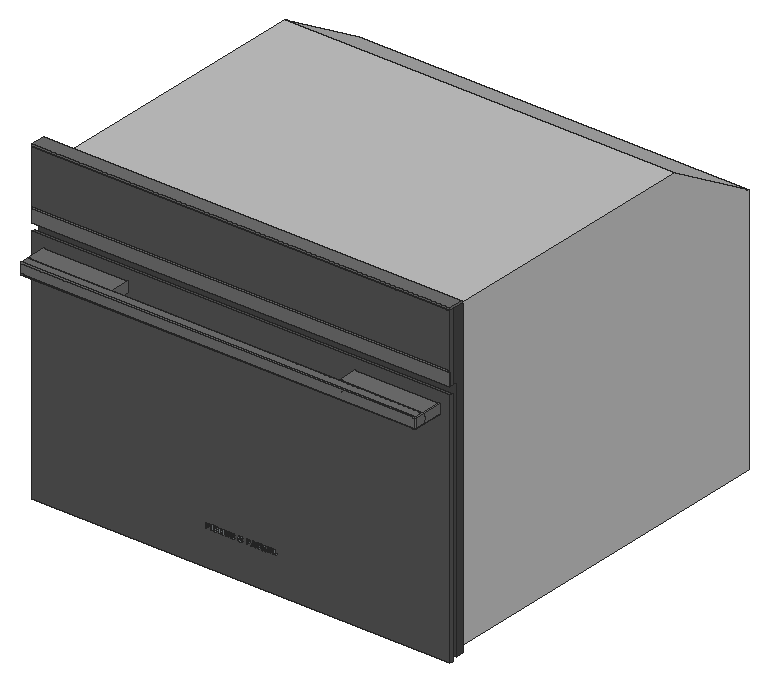
Revit family "FP_Revit_18_OM24NDBB1_Microwave_Oven_90000812A", category Specialty Equipment, Revit 2018
Family settings
  Round Connector Dimension = Use Diameter
  Part Type = Normal
  OmniClass Number = 23.40.40.14.17.31
  OmniClass Title = Small Specialized Cooking Equipment
  Work Plane-Based = No
  Always vertical = Yes
  Cut with Voids When Loaded = Yes
  Shared = No
  Room Calculation Point = No
Parameters (values of type "OM24NDBB1")
  Visibility - Clearance Required = yes
  URL = "www.fisherpaykel.com"
  Product - Width = 596 mm  # constant formula
  Product - Height = 458 mm  # constant formula
  Product - Depth = 562 mm  # constant formula
  Model = "OM24NDBB1"
  Material - Trim = Fisher & Paykel - Aluminium, Dark
  Material - Structure = Fisher & Paykel - Black
  Material - Handle = Fisher & Paykel - Aluminium, Dark
  Material - Glass = Fisher & Paykel - Glass, Black
  Material - Body = Fisher & Paykel - Grey
  Manufacturer = "Fisher & Paykel Appliances"
  FFL Offset [instance] = 860 mm
  Description = "24\" Microwave Oven"
  Connector Description - Electrical = "120/240 V or 12/208 V, 60 Hz, 13 or 14 A"
  Chassis - Width = 556 mm  # constant formula
  Chassis - Height = 446 mm  # constant formula
  Chassis - Depth = 540 mm  # constant formula
  Cavity - Width = 560 mm  # constant formula
  Cavity - Height = 460 mm  # constant formula
  Cavity - Depth = 560 mm  # constant formula
Reference planes
  plane 1 "Center (Front/Back)": y = 0
  plane 2: z = 0
  plane 3 "Center (Left/Right)": x = 0
  plane 4: z = 1320
  plane 5: z = 1318
  plane 6 "Product LHS": x = -298
  plane 7 "Product RHS": x = 298
  plane 8 "Product - Depth": y = 0
  plane 9 "Cavity LHS": x = -300
  plane 10 "Cavity RHS": x = 300
  plane 11 "Cavity - Depth": y = 560
  plane 12 "Front Face": y = -22
  plane 13 "Chassis - Height": z = 0
  plane 14 "Product Depth": y = 540
  plane 15 "FFL Offset": z = 860
Forms (mm)
  Extrusion 1, solid, material "Fisher & Paykel - Grey" <- "Material - Body"
    sketch origin (0, 0, 0) x (0, 1, 0) y (0, 0, 1)
      loop
        line (0, 1306) -> (0, 867.28) -> (5.16, 867.28) -> (5.16, 860) -> (534.187, 860) -> (534.187, 1217.991) -> (403.295, 1296.64) -> (24.316, 1296.64) -> (8.71, 1306) -> (0, 1306)
    from -278 to 278
  Extrusion 2, solid, material "Fisher & Paykel - Black" <- "Material - Structure", detail levels fine
    sketch origin (0, 0, 0) x (0, 1, 0) y (0, 0, 1)
      loop
        line (0, 1313.9) -> (-2, 1313.9) -> (-2, 1315) -> (-18, 1315) -> (-18, 1218) -> (-9.89, 1218) -> (-9.89, 867.28) -> (0, 867.28) -> (0, 1313.9)
    from -298 to 298
  Extrusion 3, solid, material "Fisher & Paykel - Aluminium, Dark" <- "Material - Trim", detail levels fine
    sketch origin (0, 0, 0) x (0, 1, 0) y (0, 0, 1)
      loop
        line (-22, 1318) -> (-22, 1315) -> (-2, 1315) -> (-2, 1318) -> (-22, 1318)
    from -298 to 298
  Extrusion 4, solid, material "Fisher & Paykel - Glass, Black" <- "Material - Glass", detail levels fine
    sketch origin (0, 0, 0) x (0, 1, 0) y (0, 0, 1)
      loop
        line (-18, 1315) -> (-20.262, 1315)
        arc (-20.262, 1315) -> (-21.236, 1314.682) -> (-22, 1314) r 2.5
        line (-22, 1314) -> (-22, 1218) -> (-18, 1218) -> (-18, 1315)
    from -298 to 298
  Extrusion 5, solid, material "Fisher & Paykel - Glass, Black" <- "Material - Glass", detail levels fine
    sketch origin (0, 0, 0) x (0, 1, 0) y (0, 0, 1)
      loop
        line (-22, 1206.53) -> (-22, 864.53) -> (-18, 864.53) -> (-18, 1206.53) -> (-22, 1206.53)
    from -298 to 298
  Extrusion 6, solid, material "Fisher & Paykel - Black" <- "Material - Structure", detail levels fine
    sketch origin (0, 0, 0) x (0, 1, 0) y (0, 0, 1)
      loop
        line (-18, 1189.33) -> (-18, 867.28) -> (-9.89, 867.28) -> (-9.89, 1189.33) -> (-18, 1189.33)
    from -278 to 278
  Extrusion 7, void
    sketch origin (0, 0, 0) x (1, 0, 0) y (0, 0, 1)
      loop
        line (-158.462, 1012.91) -> (-229.24, 1012.91)
        arc (-229.24, 1012.91) -> (-232.776, 1011.446) -> (-234.24, 1007.91) r 5
        line (-234.24, 1007.91) -> (-234.24, 915.13)
        arc (-234.24, 915.13) -> (-232.776, 911.594) -> (-229.24, 910.13) r 5
        line (-229.24, 910.13) -> (-158.462, 910.13)
        arc (-158.462, 910.13) -> (-154.926, 911.594) -> (-153.462, 915.13) r 5
        line (-153.462, 915.13) -> (-153.462, 1007.91)
        arc (-153.462, 1007.91) -> (-154.926, 1011.446) -> (-158.462, 1012.91) r 5
    from -539.6 to -521.6
  Sweep 8, void
    path in 3D
      loop
        arc (-153.462, 521.6, 915.13) -> (-154.926, 521.6, 911.594) -> (-158.462, 521.6, 910.13) r 5
        line (-158.462, 521.6, 910.13) -> (-229.24, 521.6, 910.13)
        arc (-229.24, 521.6, 910.13) -> (-232.776, 521.6, 911.594) -> (-234.24, 521.6, 915.13) r 5
        line (-234.24, 521.6, 915.13) -> (-234.24, 521.6, 1007.91)
        arc (-234.24, 521.6, 1007.91) -> (-232.776, 521.6, 1011.446) -> (-229.24, 521.6, 1012.91) r 5
        line (-229.24, 521.6, 1012.91) -> (-158.462, 521.6, 1012.91)
        arc (-158.462, 521.6, 1012.91) -> (-154.926, 521.6, 1011.446) -> (-153.462, 521.6, 1007.91) r 5
        line (-153.462, 521.6, 1007.91) -> (-153.462, 521.6, 915.13)
    profile origin (-153.462, 521.6, 961.52) x (-1, 0, 0) y (0, -1, 0)
      loop
        line (0, 0) -> (-21.3, -12.587) -> (0, -12.587) -> (0, 0)
  Extrusion 9, solid, material "Fisher & Paykel - Grey" <- "Material - Body", detail levels medium+fine
    sketch origin (0, 0, -140) x (1, 0, 0) y (0, 0, 1)
      loop
        line (-175.354, 1115.273) -> (-212.354, 1115.273) -> (-212.354, 1057.273) -> (-175.354, 1057.273) -> (-175.354, 1115.273)
    from -540 to -521.6
  Extrusion 10, solid, material "Fisher & Paykel - Aluminium, Dark" <- "Material - Trim", detail levels fine
    sketch origin (0, 0, 0) x (0, 1, 0) y (0, 0, 1)
      loop
        line (-22, 1218) -> (-22, 1237.8) -> (-22.8, 1237.8) -> (-23.7, 1235.5) -> (-23.7, 1218) -> (-22, 1218)
    from -298 to 298
  Extrusion 11, solid, material "Fisher & Paykel - Clearance Required", visible <- "Visibility - Clearance Required", detail levels coarse
    sketch origin (0, 0, 0) x (1, 0, 0) y (0, 1, 0)
      loop
        line (-280, 0) -> (280, 0) -> (280, 548.619) -> (-280, 548.619) -> (-280, 0)
    from 860 to 1320
  Extrusion 12, solid, material "Fisher & Paykel - Clearance Required", visible <- "Visibility - Clearance Required", detail levels coarse
    sketch origin (0, 0, 0) x (0, 1, 0) y (0, 0, 1)
      loop
        arc (-22, 1206.53) -> (-241.159, 1121.206) -> (-341.563, 908.532) r 317.644
        line (-341.563, 908.532) -> (-326.406, 906.445) -> (-332.106, 865.048) -> (-316.871, 862.951) -> (-311.171, 904.347) -> (-22, 864.53) -> (-22, 860) -> (0, 860) -> (0, 1320) -> (-22, 1320) -> (-22, 1206.53)
    from -300 to 300
  Sweep 13, solid, material "Fisher & Paykel - Grey" <- "Material - Body", detail levels fine
    path origin (0, 0, -140) x (0, 1, 0) y (0, 0, 1)
      loop
        arc (530.8, 1057.273) -> (536.019, 1044.673) -> (548.619, 1039.454) r 17.819
    profile origin (0, 536.019, 904.673) x (0, 0.707107, 0.707107) y (1, 0, 0)
      loop
        circle (0, -193.854) r 5
  Extrusion 14, solid, material "Fisher & Paykel - Glass, Black" <- "Material - Glass", detail levels coarse+medium
    sketch origin (0, 0, 0) x (0, 1, 0) y (0, 0, 1)
      loop
        line (-22, 1318) -> (-22, 1218) -> (-9.89, 1218) -> (-9.89, 1189.33) -> (-18, 1189.33) -> (-18, 1206.53) -> (-22, 1206.53) -> (-22, 864.53) -> (-18, 864.53) -> (-18, 867.28) -> (0, 867.28) -> (0, 1313.9) -> (-2, 1313.9) -> (-2, 1318) -> (-22, 1318)
    from -298 to 298
  Extrusion 15, solid, material "Fisher & Paykel - Grey" <- "Material - Body", not visible, detail levels medium+fine
    sketch origin (0, 0, 0) x (1, 0, 0) y (0, 0, 1)
      loop
        line (-175.354, 1115.273) -> (-212.354, 1115.273) -> (-212.354, 1057.273) -> (-175.354, 1057.273) -> (-175.354, 1115.273)
    from -540 to -521.6
  Sweep 16, solid, material "Fisher & Paykel - Grey" <- "Material - Body", not visible, detail levels fine
    path origin (0, 0, 0) x (0, 1, 0) y (0, 0, 1)
      loop
        arc (530.8, 1057.273) -> (536.019, 1044.673) -> (548.619, 1039.454) r 17.819
    profile origin (0, 536.019, 1044.673) x (0, 0.707107, 0.707107) y (1, 0, 0)
      loop
        circle (0, -193.854) r 5
  Extrusion 17, void
    sketch origin (0, 0, 0) x (1, 0, 0) y (0, 1, 0)
      loop
        line (-280, 0) -> (280, 0) -> (280, 548.619) -> (-280, 548.619) -> (-280, 0)
    from 860 to 1320
  Extrusion 18, solid, material "Fisher & Paykel - Clearance Required", visible <- "Visibility - Clearance Required", detail levels coarse
    sketch origin (0, 0, 0) x (0, 1, 0) y (0, 0, 1)
      loop
        arc (-22, 1206.53) -> (-241.159, 1121.206) -> (-341.563, 908.532) r 317.644
        line (-341.563, 908.532) -> (-326.406, 906.445) -> (-332.106, 865.048) -> (-316.871, 862.951) -> (-311.171, 904.347) -> (-22, 864.53) -> (-22, 860) -> (0, 860) -> (0, 1320) -> (-22, 1320) -> (-22, 1206.53)
    from -300 to 300
  Extrusion 19, void
    sketch origin (0, 0, 0) x (0, 1, 0) y (0, 0, 1)
      loop
        line (-22, 1320) -> (-22, 860) -> (0, 860) -> (0, 1320) -> (-22, 1320)
    from -300 to 300
Cuts and joins
  Extrusion 7, Sweep 8 cuts Extrusion 1
  Extrusion 7 cuts Extrusion 2
  Extrusion 7 cuts Extrusion 5
  Extrusion 7 cuts Extrusion 6
Lines and regions (mm)
  sketch lines
    curve 1: line (-153.462, 521.6, 1007.91) -> (-153.462, 521.6, 915.13)
    curve 2: arc (-153.462, 521.6, 1007.91) -> (-154.926, 521.6, 1011.446) -> (-158.462, 521.6, 1012.91) r 5
    curve 3: line (-229.24, 521.6, 1012.91) -> (-158.462, 521.6, 1012.91)
    curve 4: arc (-229.24, 521.6, 1012.91) -> (-232.776, 521.6, 1011.446) -> (-234.24, 521.6, 1007.91) r 5
    curve 5: line (-234.24, 521.6, 915.13) -> (-234.24, 521.6, 1007.91)
    curve 6: arc (-234.24, 521.6, 915.13) -> (-232.776, 521.6, 911.594) -> (-229.24, 521.6, 910.13) r 5
    curve 7: arc (-158.462, 521.6, 910.13) -> (-154.926, 521.6, 911.594) -> (-153.462, 521.6, 915.13) r 5
    curve 8: line (-158.462, 521.6, 910.13) -> (-229.24, 521.6, 910.13)
Text (mm)
  text "Due to ongoing product development, product details are subject to change without notice. \nPlease always refer to www.fisherpaykel.com for the most current product information. \n© Fisher & Paykel 2020" at (41.04, -413.295, 0), in view "Ref. Level (Plan)"
Dimensions and locks
  equal spacing: plane 6 "Product LHS", plane 3 "Center (Left/Right)", plane 7 "Product RHS"
  "Product - Width": plane 6 "Product LHS" to plane 7 "Product RHS"
  equal spacing: plane 9 "Cavity LHS", plane 3 "Center (Left/Right)", plane 10 "Cavity RHS"
  locked: plane 9 "Cavity LHS" to plane 10 "Cavity RHS" at 600
  "Cavity - Depth": plane 11 "Cavity - Depth" to plane 1 "Center (Front/Back)"
  locked: plane 12 "Front Face" to plane 1 "Center (Front/Back)" at 22
  "Chassis - Depth": plane 1 "Center (Front/Back)" to plane 14 "Product Depth"
  Extrusion 1 sketch curve to plane 14 "Product Depth" = 5.813 mm
  equal spacing: cut or joined group of Extrusion 1, Extrusion 7, Sweep 8, plane 3 "Center (Left/Right)", cut or joined group of Extrusion 1, Extrusion 7, Sweep 8
  "Chassis - Width": cut or joined group of Extrusion 1, Extrusion 7, Sweep 8 to cut or joined group of Extrusion 1, Extrusion 7, Sweep 8
  "FFL Offset": plane 15 "FFL Offset" to level
  locked: nested 2 to plane 15 "FFL Offset" at 61.04
  locked: cut or joined group of Extrusion 1, Extrusion 7, Sweep 8 to plane 15 "FFL Offset" at 7.28
  locked: Extrusion 14 to plane 15 "FFL Offset" at 4.53
  locked: cut or joined group of Extrusion 1, Extrusion 7, Sweep 8 to plane 15 "FFL Offset" at 436.64
  "Chassis - Height": cut or joined group of Extrusion 1, Extrusion 7, Sweep 8 to plane 15 "FFL Offset"
  Extrusion 11 to plane 15 "FFL Offset" = 460 mm
  locked: plane 15 "FFL Offset" to Extrusion 9 at 57.273
  locked: plane 15 "FFL Offset" to cut or joined group of Extrusion 1, Extrusion 7, Sweep 8 at 50.13
  "Product - Height": plane 5 to plane 15 "FFL Offset"
  "Cavity - Height": plane 4 to plane 15 "FFL Offset"
  locked: plane 5 to Extrusion 14 at 100
  locked: plane 5 to Extrusion 14 at 111.47
  locked: Extrusion 12 sketch curve to plane 15 "FFL Offset" at 4.53
  locked: plane 15 "FFL Offset" to Extrusion 7 sketch curve at 152.91
  locked: plane 15 "FFL Offset" to Extrusion 7 sketch curve at 50.13
  locked: nested 1 to plane 15 "FFL Offset" at 330.978
  "Cavity - Width": Extrusion 17 to Extrusion 17
  aligned and locked: level to plane 2
  aligned and locked: Extrusion 3 sketch curve to plane 5
  aligned and locked: plane 6 "Product LHS" to Extrusion 5
  aligned and locked: Extrusion 5 to plane 7 "Product RHS"
  aligned and locked: Extrusion 4 to plane 7 "Product RHS"
  aligned and locked: plane 6 "Product LHS" to Extrusion 4
  aligned and locked: plane 6 "Product LHS" to Extrusion 3
  aligned and locked: Extrusion 3 to plane 7 "Product RHS"
  aligned and locked: plane 6 "Product LHS" to Extrusion 2
  aligned and locked: Extrusion 2 to plane 7 "Product RHS"
  aligned and locked: plane 14 "Product Depth" to Extrusion 9
  aligned and locked: cut or joined group of Extrusion 1, Extrusion 7, Sweep 8 to Extrusion 9
  aligned and locked: Extrusion 10 to plane 7 "Product RHS"
  aligned and locked: plane 6 "Product LHS" to Extrusion 10
  aligned and locked: Extrusion 14 to plane 7 "Product RHS"
  aligned and locked: plane 6 "Product LHS" to Extrusion 14
  aligned and locked: Extrusion 1 to plane 15 "FFL Offset"
  aligned and locked: Extrusion 11 to cut or joined group of Extrusion 1, Extrusion 7, Sweep 8
  aligned and locked: Extrusion 14 to cut or joined group of Extrusion 1, Extrusion 7, Sweep 8
  aligned and locked: Extrusion 2 to cut or joined group of Extrusion 1, Extrusion 7, Sweep 8
  aligned and locked: Extrusion 6 to cut or joined group of Extrusion 1, Extrusion 7, Sweep 8
  aligned and locked: plane 5 to Extrusion 3
  aligned and locked: plane 5 to Extrusion 14
  aligned and locked: Extrusion 10 to Extrusion 4
  aligned and locked: Extrusion 14 to Extrusion 4
  aligned and locked: Extrusion 4 to cut or joined group of Extrusion 2, Extrusion 7
  aligned and locked: Extrusion 5 to Extrusion 14  (x2)
  aligned and locked: plane 4 to Extrusion 11
  aligned and locked: Extrusion 11 to Sweep 13
  aligned and locked: Extrusion 12 sketch curve to plane 15 "FFL Offset"
  aligned and locked: Extrusion 12 sketch curve to plane 4
  aligned and locked: plane 4 to Extrusion 17
  aligned and locked: Extrusion 17 to cut or joined group of Extrusion 1, Extrusion 7, Sweep 8
  aligned and locked: plane 15 "FFL Offset" to Extrusion 19 sketch curve
  aligned and locked: Extrusion 19 sketch curve to plane 4
Automatic sketch dimensions
  Extrusion 9 sketch curve to Extrusion 9 sketch curve = 37 mm
  Extrusion 9 sketch curve to Extrusion 9 sketch curve = 58 mm
  Sweep 13 sketch curve to profile plane = 0 mm
  Sweep 13 sketch curve to Sweep 13 sketch curve = 17.819 mm
  Sweep 13 sketch curve to profile plane = 193.854 mm
  Extrusion 15 sketch curve to Extrusion 15 sketch curve = 37 mm
  Extrusion 15 sketch curve to Extrusion 15 sketch curve = 58 mm
  Sweep 16 sketch curve to profile plane = 0 mm
  Sweep 16 sketch curve to Sweep 16 sketch curve = 17.819 mm
  Sweep 16 sketch curve to profile plane = 193.854 mm
  Extrusion 1 sketch curve to plane 1 "Center (Front/Back)" = 0 mm
  Extrusion 1 sketch curve to plane 15 "FFL Offset" = 0 mm
  Extrusion 1 sketch curve to plane 1 "Center (Front/Back)" = 5.16 mm
  Extrusion 1 sketch curve to Extrusion 1 sketch curve = 8.71 mm
  Extrusion 1 sketch curve to Extrusion 1 sketch curve = 15.606 mm
  Extrusion 1 sketch curve to plane 5 = 21.36 mm
  Extrusion 1 sketch curve to plane 14 "Product Depth" = 136.705 mm
  Extrusion 1 sketch curve to Extrusion 1 sketch curve = 7.28 mm
  Extrusion 1 sketch curve to plane 5 = 100.009 mm
  Extrusion 1 sketch curve to plane 5 = 12 mm
  Extrusion 2 sketch curve to plane 1 "Center (Front/Back)" = 0 mm
  plane 1 "Center (Front/Back)" to Extrusion 2 sketch curve = 2 mm
  plane 1 "Center (Front/Back)" to Extrusion 2 sketch curve = 9.89 mm
  plane 12 "Front Face" to Extrusion 2 sketch curve = 4 mm
  plane 15 "FFL Offset" to Extrusion 2 sketch curve = 7.28 mm
  Extrusion 2 sketch curve to plane 5 = 100 mm
  Extrusion 2 sketch curve to plane 5 = 4.1 mm
  Extrusion 2 sketch curve to Extrusion 2 sketch curve = 1.1 mm
  Extrusion 3 sketch curve to plane 12 "Front Face" = 0 mm
  plane 1 "Center (Front/Back)" to Extrusion 3 sketch curve = 2 mm
  Extrusion 3 sketch curve to plane 5 = 3 mm
  Extrusion 4 sketch curve to plane 12 "Front Face" = 0 mm
  plane 12 "Front Face" to Extrusion 4 sketch curve = 1.738 mm
  plane 12 "Front Face" to Extrusion 4 sketch curve = 2.011 mm
  plane 12 "Front Face" to Extrusion 4 sketch curve = 4 mm
  Extrusion 4 sketch curve to plane 5 = 100 mm
  Extrusion 4 sketch curve to plane 5 = 5.485 mm
  Extrusion 4 sketch curve to Extrusion 4 sketch curve = 1.485 mm
  Extrusion 5 sketch curve to plane 12 "Front Face" = 0 mm
  plane 12 "Front Face" to Extrusion 5 sketch curve = 4 mm
  plane 15 "FFL Offset" to Extrusion 5 sketch curve = 4.53 mm
  Extrusion 5 sketch curve to plane 5 = 111.47 mm
  plane 12 "Front Face" to Extrusion 6 sketch curve = 4 mm
  Extrusion 6 sketch curve to Extrusion 6 sketch curve = 8.11 mm
  plane 15 "FFL Offset" to Extrusion 6 sketch curve = 7.28 mm
  Extrusion 6 sketch curve to plane 5 = 128.67 mm
  Extrusion 7 sketch curve to plane 6 "Product LHS" = 63.76 mm
  Extrusion 7 sketch curve to Extrusion 7 sketch curve = 5 mm  (x3)
  Extrusion 7 sketch curve to Extrusion 7 sketch curve = 70.778 mm  (x2)
  Sweep 8 sketch curve to profile plane = 0 mm  (x2)
  Sweep 8 sketch curve to profile plane = 21.3 mm
  profile plane to Sweep 8 sketch curve = 12.587 mm
  Extrusion 10 sketch curve to plane 12 "Front Face" = 0 mm
  Extrusion 10 sketch curve to Extrusion 10 sketch curve = 0.8 mm
  Extrusion 10 sketch curve to plane 12 "Front Face" = 1.7 mm
  Extrusion 10 sketch curve to plane 5 = 100 mm
  Extrusion 10 sketch curve to Extrusion 10 sketch curve = 17.5 mm
  Extrusion 10 sketch curve to Extrusion 10 sketch curve = 2.3 mm
  plane 1 "Center (Front/Back)" to Extrusion 11 sketch curve = 0 mm
  plane 14 "Product Depth" to Extrusion 11 sketch curve = 8.619 mm
  Extrusion 11 sketch curve to plane 6 "Product LHS" = 18 mm
  plane 7 "Product RHS" to Extrusion 11 sketch curve = 18 mm
  Extrusion 12 sketch curve to plane 12 "Front Face" = 0 mm  (x2)
  Extrusion 12 sketch curve to plane 1 "Center (Front/Back)" = 0 mm
  Extrusion 12 sketch curve to plane 12 "Front Face" = 2.526 mm
  plane 15 "FFL Offset" to Extrusion 12 sketch curve = 44.347 mm
  Extrusion 12 sketch curve to Extrusion 12 sketch curve = 286.644 mm
  plane 15 "FFL Offset" to Extrusion 12 sketch curve = 2.951 mm
  plane 15 "FFL Offset" to Extrusion 12 sketch curve = 46.445 mm
  Extrusion 12 sketch curve to Extrusion 12 sketch curve = 15.235 mm
  plane 15 "FFL Offset" to Extrusion 12 sketch curve = 48.532 mm
  Extrusion 12 sketch curve to Extrusion 12 sketch curve = 24.366 mm
  Extrusion 14 sketch curve to plane 5 = 0 mm
  Extrusion 14 sketch curve to plane 12 "Front Face" = 0 mm  (x2)
  Extrusion 14 sketch curve to plane 1 "Center (Front/Back)" = 0 mm
  plane 12 "Front Face" to Extrusion 14 sketch curve = 4 mm  (x2)
  plane 1 "Center (Front/Back)" to Extrusion 14 sketch curve = 9.89 mm
  plane 1 "Center (Front/Back)" to Extrusion 14 sketch curve = 2 mm
  Extrusion 14 sketch curve to plane 5 = 4.1 mm
  Extrusion 14 sketch curve to Extrusion 14 sketch curve = 95.9 mm
  Extrusion 14 sketch curve to Extrusion 14 sketch curve = 11.47 mm
  Extrusion 14 sketch curve to Extrusion 14 sketch curve = 17.2 mm
  plane 15 "FFL Offset" to Extrusion 14 sketch curve = 7.28 mm
  Extrusion 14 sketch curve to Extrusion 14 sketch curve = 2.75 mm
  plane 1 "Center (Front/Back)" to Extrusion 17 sketch curve = 0 mm
  plane 14 "Product Depth" to Extrusion 17 sketch curve = 8.619 mm
  Extrusion 17 sketch curve to plane 6 "Product LHS" = 18 mm
  plane 7 "Product RHS" to Extrusion 17 sketch curve = 18 mm
  Extrusion 18 sketch curve to plane 12 "Front Face" = 0 mm  (x2)
  Extrusion 18 sketch curve to plane 1 "Center (Front/Back)" = 0 mm
  Extrusion 18 sketch curve to plane 15 "FFL Offset" = 0 mm
  Extrusion 18 sketch curve to plane 4 = 0 mm
  Extrusion 18 sketch curve to plane 12 "Front Face" = 2.526 mm
  plane 15 "FFL Offset" to Extrusion 18 sketch curve = 44.347 mm
  Extrusion 18 sketch curve to Extrusion 18 sketch curve = 286.644 mm
  plane 15 "FFL Offset" to Extrusion 18 sketch curve = 2.951 mm
  Extrusion 18 sketch curve to Extrusion 18 sketch curve = 5.7 mm
  plane 15 "FFL Offset" to Extrusion 18 sketch curve = 46.445 mm
  Extrusion 18 sketch curve to Extrusion 18 sketch curve = 15.235 mm
  plane 15 "FFL Offset" to Extrusion 18 sketch curve = 48.532 mm
  Extrusion 18 sketch curve to Extrusion 18 sketch curve = 24.366 mm
  Extrusion 19 sketch curve to plane 12 "Front Face" = 0 mm
  Extrusion 19 sketch curve to plane 1 "Center (Front/Back)" = 0 mm
  radius of Sweep 13 sketch curve = 5 mm
  radius of Sweep 16 sketch curve = 5 mm
Nested families
  nested 1: "F&P Handle Contemporary Square OB60-24" at (0, -22, 1183), type "Aluminium Dark"
  nested 2: "F&P Logo 100mm" at (0, -22, 915), type "F&P Logo 100mm"
Connectors
  electrical at (-193.854, 548.619, 899.454), driven by "Connector Description - Electrical"
    settings: on Sweep 13, index 1, voltage 120 V, apparent load 0 VA, apparent load phase1 0 VA, apparent load phase2 0 VA, apparent load phase3 0 VA, power factor 1, load classification "Other", number of poles 1, system type 30, power factor state 1, is connector primary yes, connector utility no, sub classification motor no, connector description "120/240 V or 12/208 V, 60 Hz, 13 or 14 A"
Definition of nested family "F&P Handle Contemporary Square OB60-24"
  Parameters (values of type "Aluminium Dark")
    URL = "www.fisherpaykel.com"
    Material - Handle = none
    Manufacturer = "Fisher & Paykel Appliances"
    Handle - Length = 565 mm
  Types (2): name
    Aluminium
    Aluminium Dark
  Reference planes
    plane 1 "Center (Front/Back)": y = 0
    plane 2: z = 0
    plane 3 "Center (Left/Right)": x = 0
    plane 4 "Product LHS": x = -282.5
    plane 5 "Product RHS": x = 282.5
    plane 6 "LHS Standoff": x = -162.495
    plane 7 "RHS Standoff": x = 162.505
  Forms (mm)
    Extrusion 1, solid, material <- "Material - Handle", detail levels fine
      sketch origin (0, 0, 0) x (0, 1, 0) y (0, 0, 1)
        loop
          arc (-28.701, 7.561) -> (-29.057, 7.868) -> (-29.514, 7.978) r 1
          line (-29.514, 7.978) -> (-40.5, 7.978)
          arc (-40.5, 7.978) -> (-41.561, 7.539) -> (-42, 6.478) r 1.5
          line (-42, 6.478) -> (-42, -6.522)
          arc (-42, -6.522) -> (-41.561, -7.583) -> (-40.5, -8.022) r 1.5
          line (-40.5, -8.022) -> (-29.487, -8.022)
          arc (-29.487, -8.022) -> (-29.029, -7.911) -> (-28.673, -7.602) r 1
          arc (-28.673, -7.602) -> (-26.256, -0.016) -> (-28.701, 7.561) r 13.038
      from -282.5 to 282.5
    Extrusion 2, solid, material <- "Material - Handle", detail levels fine
      sketch origin (0, 0, 0) x (0, 1, 0) y (0, 0, 1)
        loop
          arc (-28.23, 7.062) -> (-26.156, 0.008) -> (-28.198, -7.056) r 13.136
          arc (-28.198, -7.056) -> (-28.21, -7.463) -> (-27.86, -7.67) r 0.4
          line (-27.86, -7.67) -> (0, -7.67) -> (0, 7.678) -> (-27.893, 7.678)
          arc (-27.893, 7.678) -> (-28.244, 7.47) -> (-28.23, 7.062) r 0.4
      from 162.505 to 282.5
    Extrusion 3, solid, material <- "Material - Handle", detail levels fine
      sketch origin (0, 0, 0) x (0, 1, 0) y (0, 0, -1)
        loop
          arc (-28.23, -7.062) -> (-28.244, -7.47) -> (-27.893, -7.678) r 0.4
          line (-27.893, -7.678) -> (0, -7.678) -> (0, 7.67) -> (-27.86, 7.67)
          arc (-27.86, 7.67) -> (-28.21, 7.463) -> (-28.198, 7.056) r 0.4
          arc (-28.198, 7.056) -> (-26.156, -0.008) -> (-28.23, -7.062) r 13.136
      from 162.495 to 282.5
    Sweep 4, void
      path in 3D
        loop
          line (282.5, -29.514, 7.978) -> (282.5, -40.5, 7.978)
          arc (282.5, -40.5, 7.978) -> (282.5, -41.561, 7.539) -> (282.5, -42, 6.478) r 1.5
          line (282.5, -42, 6.478) -> (282.5, -42, -6.522)
          arc (282.5, -42, -6.522) -> (282.5, -41.561, -7.583) -> (282.5, -40.5, -8.022) r 1.5
          line (282.5, -40.5, -8.022) -> (282.5, -29.487, -8.022)
      profile origin (282.5, -35.007, 7.978) x (1, 0, 0) y (0, 0, 1)
        loop
          line (0, 0) -> (-1.3, 0) -> (0, -1.3) -> (0, 0)
    Sweep 5, void
      path in 3D
        loop
          line (-282.5, -29.487, -8.022) -> (-282.5, -40.5, -8.022)
          arc (-282.5, -40.5, -8.022) -> (-282.5, -41.561, -7.583) -> (-282.5, -42, -6.522) r 1.5
          line (-282.5, -42, -6.522) -> (-282.5, -42, 6.478)
          arc (-282.5, -42, 6.478) -> (-282.5, -41.561, 7.539) -> (-282.5, -40.5, 7.978) r 1.5
          line (-282.5, -40.5, 7.978) -> (-282.5, -29.514, 7.978)
      profile origin (-282.5, -35.007, 7.978) x (-1, 0, 0) y (0, 0, 1)
        loop
          line (0, 0) -> (-1.3, 0) -> (0, -1.3) -> (0, 0)
    Extrusion 6, void
      sketch origin (0, 0, 0) x (1, 0, 0) y (0, 0, 1)
        loop
          line (282.5, 7.978) -> (281.2, 7.978) -> (282.5, 6.678) -> (282.5, 7.978)
        loop
          line (282.5, -8.022) -> (282.5, -6.722) -> (281.2, -8.022) -> (282.5, -8.022)
      from 0 to 40
    Extrusion 7, void
      sketch origin (0, 0, 0) x (1, 0, 0) y (0, 0, 1)
        loop
          line (-282.5, 7.978) -> (-282.5, 6.678) -> (-281.2, 7.978) -> (-282.5, 7.978)
        loop
          line (-282.5, -8.022) -> (-281.2, -8.022) -> (-282.5, -6.722) -> (-282.5, -8.022)
      from 0 to 40
    Extrusion 8, solid, material <- "Material - Handle", detail levels coarse+medium
      sketch origin (0, 0, 0) x (1, 0, 0) y (0, 1, 0)
        loop
          line (-282.5, -42) -> (282.5, -42) -> (282.5, 0) -> (162.505, 0) -> (162.505, -26.156) -> (-162.495, -26.156) -> (-162.495, 0) -> (-282.5, 0) -> (-282.5, -42)
      from -8.022 to 7.978
  Cuts and joins
    Sweep 4, Sweep 5, Extrusion 6, Extrusion 7 cuts Extrusion 1
    Extrusion 6 cuts Extrusion 2
    Extrusion 7 cuts Extrusion 3
  Lines and regions (mm)
    sketch lines
      curve 1: line (282.5, -29.514, 7.978) -> (282.5, -40.5, 7.978)
      curve 2: arc (282.5, -42, 6.478) -> (282.5, -41.561, 7.539) -> (282.5, -40.5, 7.978) r 1.5
      curve 3: line (282.5, -42, 6.478) -> (282.5, -42, -6.522)
      curve 4: arc (282.5, -40.5, -8.022) -> (282.5, -41.561, -7.583) -> (282.5, -42, -6.522) r 1.5
      curve 5: line (282.5, -40.5, -8.022) -> (282.5, -29.487, -8.022)
      curve 6: line (-282.5, -40.5, 7.978) -> (-282.5, -29.514, 7.978)
      curve 7: arc (-282.5, -40.5, 7.978) -> (-282.5, -41.561, 7.539) -> (-282.5, -42, 6.478) r 1.5
      curve 8: line (-282.5, -42, -6.522) -> (-282.5, -42, 6.478)
      curve 9: arc (-282.5, -42, -6.522) -> (-282.5, -41.561, -7.583) -> (-282.5, -40.5, -8.022) r 1.5
      curve 10: line (-282.5, -29.487, -8.022) -> (-282.5, -40.5, -8.022)
  Dimensions and locks
    equal spacing: plane 4 "Product LHS", plane 3 "Center (Left/Right)", plane 5 "Product RHS"
    "Handle - Length": plane 4 "Product LHS" to plane 5 "Product RHS"
    locked: plane 4 "Product LHS" to plane 6 "LHS Standoff" at 120.005
    locked: plane 7 "RHS Standoff" to plane 5 "Product RHS" at 119.995
    aligned and locked: level to plane 2
    aligned and locked: Extrusion 1 to plane 5 "Product RHS"
    aligned and locked: plane 4 "Product LHS" to Extrusion 1
    aligned and locked: Extrusion 2 to plane 5 "Product RHS"
    aligned and locked: plane 4 "Product LHS" to Extrusion 3
    aligned and locked: plane 4 "Product LHS" to Extrusion 8 sketch curve
    aligned and locked: Extrusion 8 sketch curve to plane 5 "Product RHS"
    aligned and locked: Extrusion 8 sketch curve to plane 7 "RHS Standoff"
    aligned and locked: plane 6 "LHS Standoff" to Extrusion 8 sketch curve
    aligned and locked: Extrusion 2 to plane 7 "RHS Standoff"
    aligned and locked: plane 6 "LHS Standoff" to Extrusion 3
  Automatic sketch dimensions
    Extrusion 1 sketch curve to level = 6.522 mm
    plane 1 "Center (Front/Back)" to Extrusion 1 sketch curve = 42 mm
    Extrusion 1 sketch curve to Extrusion 1 sketch curve = 1.5 mm  (x2)
    Extrusion 1 sketch curve to level = 0.04 mm
    Extrusion 1 sketch curve to Extrusion 1 sketch curve = 1.206 mm
    level to Extrusion 1 sketch curve = 6.978 mm
    Extrusion 1 sketch curve to Extrusion 1 sketch curve = 10.986 mm
    Extrusion 1 sketch curve to Extrusion 1 sketch curve = 11.013 mm
    Extrusion 1 sketch curve to Extrusion 1 sketch curve = 1 mm
    level to Extrusion 1 sketch curve = 6.478 mm
    Extrusion 1 sketch curve to Extrusion 1 sketch curve = 0 mm
    Extrusion 2 sketch curve to plane 1 "Center (Front/Back)" = 0 mm
    Extrusion 2 sketch curve to level = 7.67 mm
    Extrusion 2 sketch curve to Extrusion 2 sketch curve = 27.86 mm
    level to Extrusion 2 sketch curve = 7.678 mm
    Extrusion 2 sketch curve to Extrusion 2 sketch curve = 0.033 mm
    Extrusion 2 sketch curve to level = 0.022 mm
    Extrusion 2 sketch curve to Extrusion 2 sketch curve = 11.398 mm
    Extrusion 2 sketch curve to Extrusion 2 sketch curve = 0.4 mm  (x2)
    Extrusion 2 sketch curve to Extrusion 2 sketch curve = 0 mm
    Extrusion 3 sketch curve to plane 1 "Center (Front/Back)" = 0 mm
    Extrusion 3 sketch curve to level = 7.67 mm
    Extrusion 3 sketch curve to Extrusion 3 sketch curve = 27.86 mm
    level to Extrusion 3 sketch curve = 7.678 mm
    Extrusion 3 sketch curve to Extrusion 3 sketch curve = 0.033 mm
    Extrusion 3 sketch curve to level = 0.022 mm
    Extrusion 3 sketch curve to Extrusion 3 sketch curve = 11.398 mm
    Extrusion 3 sketch curve to Extrusion 3 sketch curve = 0.4 mm  (x2)
    Extrusion 3 sketch curve to Extrusion 3 sketch curve = 0 mm
    profile plane to Sweep 4 sketch curve = 0 mm
    Sweep 4 sketch curve to profile plane = 0 mm
    Sweep 4 sketch curve to profile plane = 1.3 mm
    profile plane to Sweep 4 sketch curve = 1.3 mm
    Sweep 5 sketch curve to profile plane = 0 mm  (x2)
    profile plane to Sweep 5 sketch curve = 1.3 mm
    Sweep 5 sketch curve to profile plane = 1.3 mm
    plane 5 "Product RHS" to Extrusion 6 sketch curve = 0 mm  (x2)
    Extrusion 6 sketch curve to Extrusion 6 sketch curve = 1.3 mm  (x4)
    Extrusion 6 sketch curve to level = 6.722 mm
    level to Extrusion 6 sketch curve = 6.678 mm
    plane 4 "Product LHS" to Extrusion 7 sketch curve = 0 mm  (x2)
    Extrusion 7 sketch curve to plane 4 "Product LHS" = 1.3 mm  (x2)
    Extrusion 7 sketch curve to level = 8.022 mm
    level to Extrusion 7 sketch curve = 6.678 mm
    Extrusion 7 sketch curve to Extrusion 7 sketch curve = 1.3 mm  (x2)
    plane 1 "Center (Front/Back)" to Extrusion 8 sketch curve = 0 mm  (x2)
    Extrusion 8 sketch curve to Extrusion 8 sketch curve = 26.156 mm
    Extrusion 8 sketch curve to Extrusion 8 sketch curve = 42 mm
Definition of nested family "F&P Logo 100mm"
  Parameters (values of type "F&P Logo 100mm")
    URL = "www.fisherpaykel.com"
    Material - Logo = none
    Manufacturer = "Fisher & Paykel Appliances"
  Reference planes
    plane 1 "Center (Front/Back)": y = 0
    plane 2: z = 0
    plane 3 "Center (Left/Right)": x = 0
  Forms (mm)
    Extrusion 1, solid, material <- "Material - Logo", detail levels fine
      sketch origin (0, 0, 0) x (1, 0, 0) y (0, 0, 1)
        loop
          line (-50.044, 0) -> (-48.47, 0) -> (-48.47, 2.138) -> (-46.011, 2.138) -> (-46.011, 3.472) -> (-48.47, 3.472) -> (-48.47, 4.712) -> (-45.795, 4.712) -> (-45.795, 6.04) -> (-50.044, 6.04) -> (-50.044, 0)
        loop
          line (-42.804, 6.04) -> (-42.804, 0) -> (-41.23, 0) -> (-41.23, 6.04) -> (-42.804, 6.04)
        loop
          line (-30.724, 6.04) -> (-30.724, 0) -> (-29.151, 0) -> (-29.151, 2.42) -> (-26.839, 2.42) -> (-26.839, 0) -> (-25.265, 0) -> (-25.265, 6.04) -> (-26.839, 6.04) -> (-26.839, 3.748) -> (-29.151, 3.748) -> (-29.151, 6.04) -> (-30.724, 6.04)
        loop
          line (-21.906, 6.04) -> (-21.906, 0) -> (-17.602, 0) -> (-17.602, 1.328) -> (-20.347, 1.328) -> (-20.347, 2.42) -> (-17.838, 2.42) -> (-17.838, 3.748) -> (-20.347, 3.748) -> (-20.347, 4.712) -> (-17.602, 4.712) -> (-17.602, 6.04) -> (-21.906, 6.04)
        loop
          line (45.667, 6.04) -> (45.667, 0) -> (49.956, 0) -> (49.956, 1.328) -> (47.241, 1.328) -> (47.241, 6.04) -> (45.667, 6.04)
        loop
          line (42.431, 6.04) -> (38.112, 6.04) -> (38.112, 0) -> (42.431, 0) -> (42.431, 1.328) -> (39.687, 1.328) -> (39.687, 2.42) -> (42.195, 2.42) -> (42.195, 3.748) -> (39.687, 3.748) -> (39.687, 4.712) -> (42.431, 4.712) -> (42.431, 6.04)
        loop
          line (33.451, 3.148) -> (35.683, 6.04) -> (33.844, 6.04) -> (31.915, 3.542) -> (31.915, 6.04) -> (30.342, 6.04) -> (30.342, 0) -> (31.915, 0) -> (31.915, 2.705) -> (33.903, 0) -> (35.763, 0) -> (33.451, 3.148)
        loop
          line (21.98, 6.04) -> (24.262, 2.42) -> (24.262, 0) -> (25.837, 0) -> (25.837, 2.341) -> (28.119, 6.04) -> (26.446, 6.04) -> (25.099, 3.707) -> (23.753, 6.04) -> (21.98, 6.04)
        loop
          line (18.479, 6.04) -> (16.983, 6.04) -> (14.524, 0) -> (16.069, 0) -> (16.501, 1.112) -> (18.921, 1.112) -> (19.354, 0) -> (20.938, 0) -> (18.479, 6.04)
        loop
          line (18.4, 2.439) -> (17.693, 4.174) -> (17.018, 2.439) -> (18.4, 2.439)
        loop
          line (8.031, 6.04) -> (8.031, 0) -> (9.605, 0) -> (9.605, 1.938) -> (10.599, 1.938)
          arc (10.599, 1.938) -> (12.65, 3.989) -> (10.599, 6.04) r 2.051
          line (10.599, 6.04) -> (8.031, 6.04)
        loop
          line (9.605, 4.712) -> (9.605, 3.197) -> (10.501, 3.197)
          arc (10.501, 3.197) -> (11.259, 3.954) -> (10.501, 4.712) r 0.757
          line (10.501, 4.712) -> (9.605, 4.712)
        loop
          line (-11.783, 6.04) -> (-14.366, 6.04) -> (-14.366, 0) -> (-12.792, 0) -> (-12.792, 1.336) -> (-11.992, 1.336) -> (-10.972, 0) -> (-9.153, 0) -> (-10.694, 1.973)
          arc (-10.694, 1.973) -> (-9.678, 4.424) -> (-11.783, 6.04) r 2.179
        loop
          line (-11.897, 4.712) -> (-12.792, 4.712) -> (-12.792, 3.053) -> (-11.897, 3.053)
          arc (-11.897, 3.053) -> (-11.068, 3.882) -> (-11.897, 4.712) r 0.83
        loop
          line (0.477, 4.712) -> (0.477, 6.153) -> (-3.575, 6.153) -> (-3.575, 4.851) -> (-2.974, 4.112)
          arc (-2.974, 4.112) -> (-3.51, 0.684) -> (-0.045, 0.512) r 2.334
          line (-0.045, 0.512) -> (0.46, -0.109) -> (2.246, -0.109) -> (0.86, 1.594) -> (2.061, 3.324) -> (0.443, 3.324) -> (-0.013, 2.667) -> (-1.677, 4.712) -> (0.477, 4.712)
        loop
          arc (-2.125, 3.068) -> (-2.269, 1.668) -> (-0.868, 1.524) r 0.996
          line (-0.868, 1.524) -> (-2.125, 3.068)
        loop
          line (-35.18, 3.634) -> (-36.516, 3.91)
          arc (-36.516, 3.91) -> (-37.049, 4.443) -> (-36.516, 4.976) r 0.533
          arc (-36.516, 4.976) -> (-35.235, 4.79) -> (-34.059, 4.248) r 4.505
          line (-34.059, 4.248) -> (-34.059, 5.743)
          arc (-34.059, 5.743) -> (-35.549, 6.179) -> (-37.1, 6.109) r 4.726
          arc (-37.1, 6.109) -> (-38.536, 4.335) -> (-37.1, 2.561) r 1.814
          line (-37.1, 2.561) -> (-35.754, 2.282)
          arc (-35.754, 2.282) -> (-35.221, 1.749) -> (-35.754, 1.216) r 0.533
          arc (-35.754, 1.216) -> (-37.035, 1.402) -> (-38.211, 1.945) r 4.505
          line (-38.211, 1.945) -> (-38.211, 0.449)
          arc (-38.211, 0.449) -> (-36.72, 0.013) -> (-35.169, 0.083) r 4.726
          arc (-35.169, 0.083) -> (-33.734, 1.863) -> (-35.18, 3.634) r 1.814
      from 0 to 0.8
  Dimensions and locks
    aligned and locked: level to plane 2
